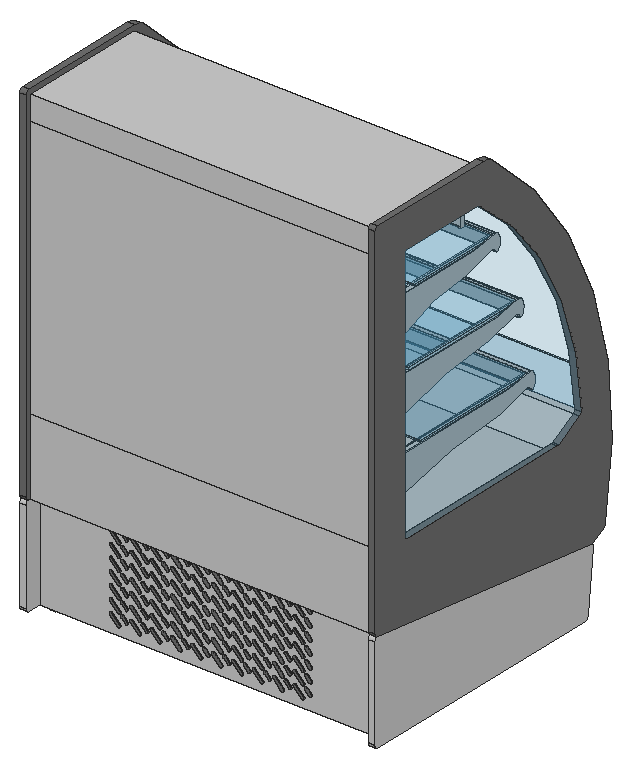
Revit family "QF_INFRICO_VBR9SS_250815092508", category Specialty Equipment, Revit 2021 (continued)
Definition of nested family "QF_INFRICO_VBR9SS_2920"
  Forms (mm)
    Extrusion 56, solid
      sketch origin (1643.376, -765.123, -1.698) x (-1, 0, 0) y (0, 0, 1)
        loop
          arc (1058.896, 64.284) -> (1058.896, 70.648) -> (1052.532, 70.648) r 4.5
          line (1052.532, 70.648) -> (1030.612, 48.728)
          arc (1030.612, 48.728) -> (1030.612, 42.364) -> (1036.976, 42.364) r 4.5
        loop
          line (1016.219, 55.335) -> (1027.532, 66.648)
          arc (1027.532, 66.648) -> (1027.532, 73.012) -> (1021.168, 73.012) r 4.5
          line (1021.168, 73.012) -> (1009.855, 61.698)
          arc (1009.855, 61.698) -> (1009.855, 55.335) -> (1016.219, 55.335) r 4.5
        loop
          line (1036.976, 76.364) -> (1058.896, 98.284)
          arc (1058.896, 98.284) -> (1058.896, 104.648) -> (1052.532, 104.648) r 4.5
          line (1052.532, 104.648) -> (1030.612, 82.728)
          arc (1030.612, 82.728) -> (1030.612, 76.364) -> (1036.976, 76.364) r 4.5
        loop
          line (1016.219, 89.335) -> (1027.532, 100.648)
          arc (1027.532, 100.648) -> (1027.532, 107.012) -> (1021.168, 107.012) r 4.5
          line (1021.168, 107.012) -> (1009.855, 95.698)
          arc (1009.855, 95.698) -> (1009.855, 89.335) -> (1016.219, 89.335) r 4.5
        loop
          line (1036.976, 110.364) -> (1058.896, 132.284)
          arc (1058.896, 132.284) -> (1058.896, 138.648) -> (1052.532, 138.648) r 4.5
          line (1052.532, 138.648) -> (1030.612, 116.728)
          arc (1030.612, 116.728) -> (1030.612, 110.364) -> (1036.976, 110.364) r 4.5
        loop
          line (1016.219, 123.335) -> (1027.532, 134.648)
          arc (1027.532, 134.648) -> (1027.532, 141.012) -> (1021.168, 141.012) r 4.5
          line (1021.168, 141.012) -> (1009.855, 129.698)
          arc (1009.855, 129.698) -> (1009.855, 123.335) -> (1016.219, 123.335) r 4.5
        loop
          line (1036.976, 144.364) -> (1058.896, 166.284)
          arc (1058.896, 166.284) -> (1058.896, 172.648) -> (1052.532, 172.648) r 4.5
          line (1052.532, 172.648) -> (1030.612, 150.728)
          arc (1030.612, 150.728) -> (1030.612, 144.364) -> (1036.976, 144.364) r 4.5
        loop
          line (1016.219, 157.335) -> (1027.532, 168.648)
          arc (1027.532, 168.648) -> (1027.532, 175.012) -> (1021.168, 175.012) r 4.5
          line (1021.168, 175.012) -> (1009.855, 163.698)
          arc (1009.855, 163.698) -> (1009.855, 157.335) -> (1016.219, 157.335) r 4.5
        loop
          line (1036.976, 178.364) -> (1058.896, 200.284)
          arc (1058.896, 200.284) -> (1058.896, 206.648) -> (1052.532, 206.648) r 4.5
          line (1052.532, 206.648) -> (1030.612, 184.728)
          arc (1030.612, 184.728) -> (1030.612, 178.364) -> (1036.976, 178.364) r 4.5
        loop
          line (1016.219, 191.335) -> (1027.532, 202.648)
          arc (1027.532, 202.648) -> (1027.532, 209.012) -> (1021.168, 209.012) r 4.5
          line (1021.168, 209.012) -> (1009.855, 197.698)
          arc (1009.855, 197.698) -> (1009.855, 191.335) -> (1016.219, 191.335) r 4.5
        loop
          line (1036.976, 212.364) -> (1058.896, 234.284)
          arc (1058.896, 234.284) -> (1058.896, 240.648) -> (1052.532, 240.648) r 4.5
          line (1052.532, 240.648) -> (1030.612, 218.728)
          arc (1030.612, 218.728) -> (1030.612, 212.364) -> (1036.976, 212.364) r 4.5
        loop
          line (1016.219, 225.335) -> (1027.532, 236.648)
          arc (1027.532, 236.648) -> (1027.532, 243.012) -> (1021.168, 243.012) r 4.5
          line (1021.168, 243.012) -> (1009.855, 231.698)
          arc (1009.855, 231.698) -> (1009.855, 225.335) -> (1016.219, 225.335) r 4.5
        loop
          line (1036.976, 246.364) -> (1058.896, 268.284)
          arc (1058.896, 268.284) -> (1058.896, 274.648) -> (1052.532, 274.648) r 4.5
          line (1052.532, 274.648) -> (1030.612, 252.728)
          arc (1030.612, 252.728) -> (1030.612, 246.364) -> (1036.976, 246.364) r 4.5
        loop
          line (1016.219, 259.335) -> (1027.532, 270.648)
          arc (1027.532, 270.648) -> (1027.532, 277.012) -> (1021.168, 277.012) r 4.5
          line (1021.168, 277.012) -> (1009.855, 265.698)
          arc (1009.855, 265.698) -> (1009.855, 259.335) -> (1016.219, 259.335) r 4.5
        loop
          line (980.976, 42.364) -> (1002.896, 64.284)
          arc (1002.896, 64.284) -> (1002.896, 70.648) -> (996.532, 70.648) r 4.5
          line (996.532, 70.648) -> (974.612, 48.728)
          arc (974.612, 48.728) -> (974.612, 42.364) -> (980.976, 42.364) r 4.5
        loop
          line (960.219, 55.335) -> (971.532, 66.648)
          arc (971.532, 66.648) -> (971.532, 73.012) -> (965.168, 73.012) r 4.5
          line (965.168, 73.012) -> (953.855, 61.698)
          arc (953.855, 61.698) -> (953.855, 55.335) -> (960.219, 55.335) r 4.5
        loop
          line (980.976, 76.364) -> (1002.896, 98.284)
          arc (1002.896, 98.284) -> (1002.896, 104.648) -> (996.532, 104.648) r 4.5
          line (996.532, 104.648) -> (974.612, 82.728)
          arc (974.612, 82.728) -> (974.612, 76.364) -> (980.976, 76.364) r 4.5
        loop
          line (960.219, 89.335) -> (971.532, 100.648)
          arc (971.532, 100.648) -> (971.532, 107.012) -> (965.168, 107.012) r 4.5
          line (965.168, 107.012) -> (953.855, 95.698)
          arc (953.855, 95.698) -> (953.855, 89.335) -> (960.219, 89.335) r 4.5
        loop
          line (980.976, 110.364) -> (1002.896, 132.284)
          arc (1002.896, 132.284) -> (1002.896, 138.648) -> (996.532, 138.648) r 4.5
          line (996.532, 138.648) -> (974.612, 116.728)
          arc (974.612, 116.728) -> (974.612, 110.364) -> (980.976, 110.364) r 4.5
        loop
          line (960.219, 123.335) -> (971.532, 134.648)
          arc (971.532, 134.648) -> (971.532, 141.012) -> (965.168, 141.012) r 4.5
          line (965.168, 141.012) -> (953.855, 129.698)
          arc (953.855, 129.698) -> (953.855, 123.335) -> (960.219, 123.335) r 4.5
        loop
          line (980.976, 144.364) -> (1002.896, 166.284)
          arc (1002.896, 166.284) -> (1002.896, 172.648) -> (996.532, 172.648) r 4.5
          line (996.532, 172.648) -> (974.612, 150.728)
          arc (974.612, 150.728) -> (974.612, 144.364) -> (980.976, 144.364) r 4.5
        loop
          line (960.219, 157.335) -> (971.532, 168.648)
          arc (971.532, 168.648) -> (971.532, 175.012) -> (965.168, 175.012) r 4.5
          line (965.168, 175.012) -> (953.855, 163.698)
          arc (953.855, 163.698) -> (953.855, 157.335) -> (960.219, 157.335) r 4.5
        loop
          line (980.976, 178.364) -> (1002.896, 200.284)
          arc (1002.896, 200.284) -> (1002.896, 206.648) -> (996.532, 206.648) r 4.5
          line (996.532, 206.648) -> (974.612, 184.728)
          arc (974.612, 184.728) -> (974.612, 178.364) -> (980.976, 178.364) r 4.5
        loop
          line (960.219, 191.335) -> (971.532, 202.648)
          arc (971.532, 202.648) -> (971.532, 209.012) -> (965.168, 209.012) r 4.5
          line (965.168, 209.012) -> (953.855, 197.698)
          arc (953.855, 197.698) -> (953.855, 191.335) -> (960.219, 191.335) r 4.5
        loop
          line (980.976, 212.364) -> (1002.896, 234.284)
          arc (1002.896, 234.284) -> (1002.896, 240.648) -> (996.532, 240.648) r 4.5
          line (996.532, 240.648) -> (974.612, 218.728)
          arc (974.612, 218.728) -> (974.612, 212.364) -> (980.976, 212.364) r 4.5
        loop
          line (960.219, 225.335) -> (971.532, 236.648)
          arc (971.532, 236.648) -> (971.532, 243.012) -> (965.168, 243.012) r 4.5
          line (965.168, 243.012) -> (953.855, 231.698)
          arc (953.855, 231.698) -> (953.855, 225.335) -> (960.219, 225.335) r 4.5
        loop
          line (980.976, 246.364) -> (1002.896, 268.284)
          arc (1002.896, 268.284) -> (1002.896, 274.648) -> (996.532, 274.648) r 4.5
          line (996.532, 274.648) -> (974.612, 252.728)
          arc (974.612, 252.728) -> (974.612, 246.364) -> (980.976, 246.364) r 4.5
        loop
          line (960.219, 259.335) -> (971.532, 270.648)
          arc (971.532, 270.648) -> (971.532, 277.012) -> (965.168, 277.012) r 4.5
          line (965.168, 277.012) -> (953.855, 265.698)
          arc (953.855, 265.698) -> (953.855, 259.335) -> (960.219, 259.335) r 4.5
        loop
          line (924.976, 42.364) -> (946.896, 64.284)
          arc (946.896, 64.284) -> (946.896, 70.648) -> (940.532, 70.648) r 4.5
          line (940.532, 70.648) -> (918.612, 48.728)
          arc (918.612, 48.728) -> (918.612, 42.364) -> (924.976, 42.364) r 4.5
        loop
          line (904.219, 55.335) -> (915.532, 66.648)
          arc (915.532, 66.648) -> (915.532, 73.012) -> (909.168, 73.012) r 4.5
          line (909.168, 73.012) -> (897.855, 61.698)
          arc (897.855, 61.698) -> (897.855, 55.335) -> (904.219, 55.335) r 4.5
        loop
          line (924.976, 76.364) -> (946.896, 98.284)
          arc (946.896, 98.284) -> (946.896, 104.648) -> (940.532, 104.648) r 4.5
          line (940.532, 104.648) -> (918.612, 82.728)
          arc (918.612, 82.728) -> (918.612, 76.364) -> (924.976, 76.364) r 4.5
        loop
          line (904.219, 89.335) -> (915.532, 100.648)
          arc (915.532, 100.648) -> (915.532, 107.012) -> (909.168, 107.012) r 4.5
          line (909.168, 107.012) -> (897.855, 95.698)
          arc (897.855, 95.698) -> (897.855, 89.335) -> (904.219, 89.335) r 4.5
        loop
          line (924.976, 110.364) -> (946.896, 132.284)
          arc (946.896, 132.284) -> (946.896, 138.648) -> (940.532, 138.648) r 4.5
          line (940.532, 138.648) -> (918.612, 116.728)
          arc (918.612, 116.728) -> (918.612, 110.364) -> (924.976, 110.364) r 4.5
        loop
          line (904.219, 123.335) -> (915.532, 134.648)
          arc (915.532, 134.648) -> (915.532, 141.012) -> (909.168, 141.012) r 4.5
          line (909.168, 141.012) -> (897.855, 129.698)
          arc (897.855, 129.698) -> (897.855, 123.335) -> (904.219, 123.335) r 4.5
        loop
          line (924.976, 144.364) -> (946.896, 166.284)
          arc (946.896, 166.284) -> (946.896, 172.648) -> (940.532, 172.648) r 4.5
          line (940.532, 172.648) -> (918.612, 150.728)
          arc (918.612, 150.728) -> (918.612, 144.364) -> (924.976, 144.364) r 4.5
        loop
          line (904.219, 157.335) -> (915.532, 168.648)
          arc (915.532, 168.648) -> (915.532, 175.012) -> (909.168, 175.012) r 4.5
          line (909.168, 175.012) -> (897.855, 163.698)
          arc (897.855, 163.698) -> (897.855, 157.335) -> (904.219, 157.335) r 4.5
        loop
          line (924.976, 178.364) -> (946.896, 200.284)
          arc (946.896, 200.284) -> (946.896, 206.648) -> (940.532, 206.648) r 4.5
          line (940.532, 206.648) -> (918.612, 184.728)
          arc (918.612, 184.728) -> (918.612, 178.364) -> (924.976, 178.364) r 4.5
        loop
          line (904.219, 191.335) -> (915.532, 202.648)
          arc (915.532, 202.648) -> (915.532, 209.012) -> (909.168, 209.012) r 4.5
          line (909.168, 209.012) -> (897.855, 197.698)
          arc (897.855, 197.698) -> (897.855, 191.335) -> (904.219, 191.335) r 4.5
        loop
          line (924.976, 212.364) -> (946.896, 234.284)
          arc (946.896, 234.284) -> (946.896, 240.648) -> (940.532, 240.648) r 4.5
          line (940.532, 240.648) -> (918.612, 218.728)
          arc (918.612, 218.728) -> (918.612, 212.364) -> (924.976, 212.364) r 4.5
        loop
          line (904.219, 225.335) -> (915.532, 236.648)
          arc (915.532, 236.648) -> (915.532, 243.012) -> (909.168, 243.012) r 4.5
          line (909.168, 243.012) -> (897.855, 231.698)
          arc (897.855, 231.698) -> (897.855, 225.335) -> (904.219, 225.335) r 4.5
        loop
          line (924.976, 246.364) -> (946.896, 268.284)
          arc (946.896, 268.284) -> (946.896, 274.648) -> (940.532, 274.648) r 4.5
          line (940.532, 274.648) -> (918.612, 252.728)
          arc (918.612, 252.728) -> (918.612, 246.364) -> (924.976, 246.364) r 4.5
        loop
          line (904.219, 259.335) -> (915.532, 270.648)
          arc (915.532, 270.648) -> (915.532, 277.012) -> (909.168, 277.012) r 4.5
          line (909.168, 277.012) -> (897.855, 265.698)
          arc (897.855, 265.698) -> (897.855, 259.335) -> (904.219, 259.335) r 4.5
      from 0 to 2
    Extrusion 57, solid, visible <- "Show Logo"
      sketch origin (1362.72, -52.93, -305.042) x (-1, 0, 0) y (0, -0.045615, -0.998959)
        loop
          line (1208.799, -696.53) -> (1204.173, -696.53) -> (1204.173, -719.204) -> (1208.799, -719.204) -> (1208.799, -696.53)
        loop
          arc (1214.779, -713.006) -> (1215.36, -712.765) -> (1215.601, -712.184) r 0.822
          line (1215.601, -712.184) -> (1215.669, -711.361)
          arc (1215.669, -711.361) -> (1218.282, -712.674) -> (1221.141, -713.281) r 11.435
          arc (1221.141, -713.281) -> (1224.637, -712.075) -> (1226.121, -708.689) r 4.607
          line (1226.121, -708.689) -> (1226.121, -696.53) -> (1221.598, -696.53) -> (1221.598, -707.557)
          arc (1221.598, -707.557) -> (1220.929, -708.961) -> (1219.417, -709.324) r 1.806
          arc (1219.417, -709.324) -> (1217.528, -708.741) -> (1215.772, -707.832) r 11.052
          line (1215.772, -707.832) -> (1215.772, -696.53) -> (1211.283, -696.53) -> (1211.283, -713.006) -> (1214.779, -713.006)
        loop
          line (1238.557, -720.102) -> (1238.557, -717.255)
          arc (1238.557, -717.255) -> (1238.306, -716.65) -> (1237.7, -716.399) r 0.857
          line (1237.7, -716.399) -> (1236.045, -716.271)
          arc (1236.045, -716.271) -> (1234.956, -715.705) -> (1234.547, -714.548) r 1.67
          line (1234.547, -714.548) -> (1234.547, -712.938) -> (1238.249, -712.938) -> (1238.249, -709.374) -> (1234.547, -709.374) -> (1234.547, -696.53) -> (1230.024, -696.53) -> (1230.024, -709.374) -> (1227.351, -709.374) -> (1227.351, -712.703) -> (1230.024, -712.909) -> (1230.024, -715.062)
          arc (1230.024, -715.062) -> (1230.805, -717.616) -> (1232.881, -719.297) r 4.567
          arc (1232.881, -719.297) -> (1235.052, -719.926) -> (1237.306, -720.102) r 11.103
          line (1237.306, -720.102) -> (1238.557, -720.102)
        loop
          line (1239.479, -713.006) -> (1243.726, -713.006) -> (1243.899, -710.984)
          arc (1243.899, -710.984) -> (1246.197, -712.588) -> (1248.912, -713.28) r 7.833
          arc (1248.912, -713.28) -> (1249.531, -713.061) -> (1249.793, -712.458) r 0.824
          line (1249.793, -712.458) -> (1249.793, -710.265)
          arc (1249.793, -710.265) -> (1249.643, -709.758) -> (1249.241, -709.416) r 0.928
          line (1249.241, -709.416) -> (1248.077, -709.268)
          arc (1248.077, -709.268) -> (1245.873, -708.631) -> (1243.968, -707.352) r 7.435
          line (1243.968, -707.352) -> (1243.968, -696.53) -> (1239.479, -696.53) -> (1239.479, -713.006)
        loop
          line (1255.495, -696.53) -> (1251.006, -696.53) -> (1251.006, -713.006) -> (1255.495, -713.006) -> (1255.495, -696.53)
        loop
          line (1257.421, -701.327) -> (1257.421, -708.243)
          arc (1257.421, -708.243) -> (1258.571, -711.349) -> (1261.466, -712.959) r 4.772
          arc (1261.466, -712.959) -> (1264.493, -713.294) -> (1267.521, -712.959) r 13.851
          arc (1267.521, -712.959) -> (1270.524, -710.556) -> (1271.505, -706.838) r 6.132
          line (1271.505, -706.838) -> (1267.187, -706.838) -> (1267.187, -707.9)
          arc (1267.187, -707.9) -> (1266.64, -709.118) -> (1265.442, -709.705) r 1.965
          arc (1265.442, -709.705) -> (1264.547, -709.754) -> (1263.653, -709.705) r 8.196
          arc (1263.653, -709.705) -> (1262.417, -709.155) -> (1261.91, -707.9) r 1.806
          line (1261.91, -707.9) -> (1261.91, -701.67)
          arc (1261.91, -701.67) -> (1262.417, -700.415) -> (1263.653, -699.865) r 1.806
          arc (1263.653, -699.865) -> (1264.547, -699.816) -> (1265.442, -699.865) r 8.196
          arc (1265.442, -699.865) -> (1266.64, -700.452) -> (1267.187, -701.67) r 1.965
          line (1267.187, -701.67) -> (1267.187, -703.041) -> (1271.505, -703.041)
          arc (1271.505, -703.041) -> (1270.575, -699.134) -> (1267.521, -696.525) r 6.481
          arc (1267.521, -696.525) -> (1264.493, -696.266) -> (1261.466, -696.525) r 17.816
          arc (1261.466, -696.525) -> (1258.567, -698.188) -> (1257.421, -701.327) r 4.873
        loop
          line (1272.916, -701.329) -> (1272.916, -708.242)
          arc (1272.916, -708.242) -> (1273.993, -711.226) -> (1276.726, -712.837) r 4.676
          arc (1276.726, -712.837) -> (1278.515, -713.116) -> (1280.318, -713.28) r 28.371
          arc (1280.318, -713.28) -> (1282.122, -713.116) -> (1283.911, -712.837) r 28.371
          arc (1283.911, -712.837) -> (1286.644, -711.226) -> (1287.72, -708.242) r 4.676
          line (1287.72, -708.242) -> (1287.72, -701.329)
          arc (1287.72, -701.329) -> (1286.644, -698.345) -> (1283.911, -696.734) r 4.676
          arc (1283.911, -696.734) -> (1282.122, -696.455) -> (1280.318, -696.291) r 28.371
          arc (1280.318, -696.291) -> (1278.515, -696.455) -> (1276.726, -696.734) r 28.371
          arc (1276.726, -696.734) -> (1273.993, -698.345) -> (1272.916, -701.329) r 4.676
        loop
          arc (1277.405, -707.866) -> (1277.844, -709.015) -> (1278.936, -709.58) r 1.725
          arc (1278.936, -709.58) -> (1279.627, -709.653) -> (1280.318, -709.716) r 46.133
          arc (1280.318, -709.716) -> (1281.01, -709.653) -> (1281.701, -709.58) r 46.133
          arc (1281.701, -709.58) -> (1282.793, -709.015) -> (1283.231, -707.866) r 1.725
          line (1283.231, -707.866) -> (1283.231, -701.705)
          arc (1283.231, -701.705) -> (1282.793, -700.556) -> (1281.701, -699.991) r 1.725
          arc (1281.701, -699.991) -> (1281.01, -699.918) -> (1280.318, -699.856) r 46.133
          arc (1280.318, -699.856) -> (1279.627, -699.918) -> (1278.936, -699.991) r 46.133
          arc (1278.936, -699.991) -> (1277.844, -700.556) -> (1277.405, -701.705) r 1.725
          line (1277.405, -701.705) -> (1277.405, -707.866)
        loop
          line (1190.339, -696.543) -> (1170.042, -696.543)
          arc (1170.042, -696.543) -> (1168.969, -696.987) -> (1168.525, -698.059) r 1.516
          line (1168.525, -698.059) -> (1168.525, -703.891) -> (1164.346, -703.891)
          arc (1164.346, -703.891) -> (1163.591, -704.121) -> (1163.163, -704.782) r 1.147
          line (1163.163, -704.782) -> (1163.163, -706.211)
          arc (1163.163, -706.211) -> (1163.594, -707.258) -> (1164.662, -707.634) r 1.385
          line (1164.662, -707.634) -> (1165.861, -707.634) -> (1163.163, -710.332)
          arc (1163.163, -710.332) -> (1162.776, -711.266) -> (1163.163, -712.2) r 1.321
          line (1163.163, -712.2) -> (1163.886, -712.923)
          arc (1163.886, -712.923) -> (1164.841, -713.338) -> (1165.823, -712.991) r 1.422
          line (1165.823, -712.991) -> (1168.528, -710.286) -> (1168.528, -711.479)
          arc (1168.528, -711.479) -> (1168.938, -712.516) -> (1169.946, -712.992) r 1.516
          line (1169.946, -712.992) -> (1170.867, -712.992)
          arc (1170.867, -712.992) -> (1171.87, -712.514) -> (1172.278, -711.479) r 1.516
          line (1172.278, -711.479) -> (1172.278, -706.83) -> (1178.308, -701.336) -> (1178.308, -707.509) -> (1174.742, -711.075)
          arc (1174.742, -711.075) -> (1174.328, -712.073) -> (1174.742, -713.071) r 1.412
          line (1174.742, -713.071) -> (1175.394, -713.723)
          arc (1175.394, -713.723) -> (1176.442, -714.141) -> (1177.466, -713.667) r 1.428
          line (1177.466, -713.667) -> (1178.308, -712.825) -> (1178.308, -717.784)
          arc (1178.308, -717.784) -> (1178.723, -718.787) -> (1179.726, -719.203) r 1.418
          line (1179.726, -719.203) -> (1180.655, -719.203)
          arc (1180.655, -719.203) -> (1181.658, -718.787) -> (1182.073, -717.784) r 1.418
          line (1182.073, -717.784) -> (1182.073, -712.825) -> (1182.915, -713.667)
          arc (1182.915, -713.667) -> (1183.939, -714.141) -> (1184.987, -713.723) r 1.428
          line (1184.987, -713.723) -> (1185.639, -713.071)
          arc (1185.639, -713.071) -> (1186.053, -712.073) -> (1185.639, -711.075) r 1.412
          line (1185.639, -711.075) -> (1182.073, -707.509) -> (1182.073, -701.336) -> (1188.103, -706.83) -> (1188.103, -711.479)
          arc (1188.103, -711.479) -> (1188.511, -712.514) -> (1189.514, -712.992) r 1.516
          line (1189.514, -712.992) -> (1190.435, -712.992)
          arc (1190.435, -712.992) -> (1191.443, -712.516) -> (1191.853, -711.479) r 1.516
          line (1191.853, -711.479) -> (1191.853, -710.286) -> (1194.558, -712.991)
          arc (1194.558, -712.991) -> (1195.54, -713.338) -> (1196.495, -712.923) r 1.422
          line (1196.495, -712.923) -> (1197.218, -712.2)
          arc (1197.218, -712.2) -> (1197.605, -711.266) -> (1197.218, -710.332) r 1.321
          line (1197.218, -710.332) -> (1194.52, -707.634) -> (1195.719, -707.634)
          arc (1195.719, -707.634) -> (1196.787, -707.258) -> (1197.218, -706.211) r 1.385
          line (1197.218, -706.211) -> (1197.218, -704.782)
          arc (1197.218, -704.782) -> (1196.79, -704.121) -> (1196.035, -703.891) r 1.147
          line (1196.035, -703.891) -> (1191.856, -703.891) -> (1191.856, -698.059)
          arc (1191.856, -698.059) -> (1191.411, -696.987) -> (1190.339, -696.543) r 1.516
      from 0 to 2
    Extrusion 58, solid
      sketch origin (-1000, 0, 479) x (1, 0, 0) y (0, 1, 0)
        loop
          line (1000, -699.023) -> (1050, -699.023) -> (1050, -739.023) -> (1888, -739.023) -> (1888, -699.023) -> (1938, -699.023) -> (1938, -688.023) -> (1000, -688.023) -> (1000, -699.023)
      from 0 to 2
    Extrusion 59, solid
      sketch origin (0, 0, 0) x (0, 1, 0) y (0, 0, 1)
        loop
          line (-688.023, 479) -> (-690.023, 479) -> (-690.023, 448) -> (-688.023, 448) -> (-688.023, 479)
      from 0 to 938
    Extrusion 60, solid
      sketch origin (0, -90.023, -30) x (1, 0, 0) y (0, 0, 1)
        loop
          line (40, 308) -> (40, 174) -> (232, 174) -> (232, 308) -> (40, 308)
      from 0 to 40
    Extrusion 61, solid
      sketch origin (1426.761, -90.023, -436.855) x (-1, 0, 0) y (0, 0, 1)
        loop
          arc (1199.261, 600.555) -> (1290.761, 599.555) -> (1382.261, 600.555) r 4186.625
          arc (1382.261, 600.555) -> (1383.261, 617.555) -> (1382.261, 634.555) r 145
          arc (1382.261, 634.555) -> (1290.761, 635.555) -> (1199.261, 634.555) r 4186.625
          arc (1199.261, 634.555) -> (1198.261, 617.555) -> (1199.261, 600.555) r 145
      from 0 to 5
    Extrusion 62, solid
      sketch origin (1407.761, -86.923, -436.855) x (-1, 0, 0) y (0, 0, 1)
        loop
          line (1212.261, 629.555) -> (1212.261, 605.555) -> (1262.261, 605.555) -> (1262.261, 629.555) -> (1212.261, 629.555)
      from 0 to 2
    Extrusion 63, solid
      sketch origin (-510, -1507.887, 385.642) x (0, -0.939923, 0.341387) y (0, -0.341387, -0.939923)
        loop
          line (-1405.094, -255.381) -> (-1402.363, -262.901) -> (-1376.569, -281.194) -> (-1373.837, -288.713) -> (-1371.922, -288.017) -> (-1374.924, -279.75) -> (-1400.516, -262.128) -> (-1403.214, -254.698) -> (-1405.094, -255.381)
        loop
          line (-1387.001, -305.197) -> (-1384.27, -312.717) -> (-1358.475, -331.01) -> (-1355.744, -338.529) -> (-1353.828, -337.833) -> (-1356.831, -329.566) -> (-1382.423, -311.944) -> (-1385.121, -304.514) -> (-1387.001, -305.197)
      from 742 to 1408
    Extrusion 64, solid
      sketch origin (0, 0, 0) x (0, 1, 0) y (0, 0, 1)
        loop
          line (-68.023, 471) -> (-62.023, 471) -> (-62.023, 621) -> (-68.023, 621) -> (-68.023, 471)
      from 0 to 938
    Extrusion 65, solid
      sketch origin (-1186.261, -424.423, 613.945) x (1, 0, 0) y (0, 0, -1)
        loop
          line (1212.261, -629.555) -> (1262.261, -629.555) -> (1262.261, -605.555) -> (1212.261, -605.555) -> (1212.261, -629.555)
      from 0 to 2
    Extrusion 66, solid
      sketch origin (-32, 0, 0) x (0, 1, 0) y (0, 0, 1)
        loop
          line (-422.523, 1219.5) -> (-422.523, 1243.5)
          arc (-422.523, 1243.5) -> (-423.255, 1245.268) -> (-425.023, 1246) r 2.5
          line (-425.023, 1246) -> (-425.023, 1217)
          arc (-425.023, 1217) -> (-423.255, 1217.732) -> (-422.523, 1219.5) r 2.5
      from 44 to 122
    Extrusion 67, solid
      sketch origin (0, 0, 0) x (0, 1, 0) y (0, 0, 1)
        loop
          line (-466.023, 1276) -> (-511.023, 1276) -> (-511.023, 1220) -> (-489.023, 1220) -> (-489.023, 1181) -> (-488.023, 1181) -> (-488.023, 1220) -> (-466.023, 1220) -> (-466.023, 1276)
      from 0 to 938
    Extrusion 68, solid
      sketch origin (0, 0, 0) x (0, 1, 0) y (0, 0, 1)
        loop
          line (-493.523, 1181) -> (-493.523, 1156)
          arc (-493.523, 1156) -> (-492.937, 1154.586) -> (-491.523, 1154) r 2
          line (-491.523, 1154) -> (-485.523, 1154)
          arc (-485.523, 1154) -> (-484.109, 1154.586) -> (-483.523, 1156) r 2
          line (-483.523, 1156) -> (-483.523, 1181) -> (-493.523, 1181)
      from 0 to 938
    Extrusion 69, solid
      sketch origin (423, 0, 0) x (0, 1, 0) y (0, 0, 1)
        loop
          line (-481.523, 1152) -> (-481.523, 1164) -> (-483.523, 1164) -> (-483.523, 1156)
          arc (-483.523, 1156) -> (-484.109, 1154.586) -> (-485.523, 1154) r 2
          line (-485.523, 1154) -> (-491.523, 1154)
          arc (-491.523, 1154) -> (-492.937, 1154.586) -> (-493.523, 1156) r 2
          line (-493.523, 1156) -> (-493.523, 1167) -> (-495.523, 1167) -> (-495.523, 1152) -> (-481.523, 1152)
      from 0 to 92
    Extrusion 70, solid
      sketch origin (411, 0, 0) x (0, 1, 0) y (0, 0, 1)
        loop
          line (-491.523, 1127) -> (-485.523, 1127) -> (-485.523, 1154) -> (-491.523, 1154) -> (-491.523, 1127)
      from 0 to 12
    Extrusion 71, solid
      sketch origin (515, 0, 0) x (0, 1, 0) y (0, 0, 1)
        loop
          line (-491.523, 1127) -> (-485.523, 1127) -> (-485.523, 1154) -> (-491.523, 1154) -> (-491.523, 1127)
      from 0 to 12
    Sweep 72, solid
      path origin (140.5, -1000, 1131) x (1, 0, 0) y (0, 1, 0)
        loop
          arc (286.5, 530.477) -> (279.429, 527.548) -> (276.5, 520.477) r 10
          line (276.5, 520.477) -> (276.5, 494.477)
          arc (276.5, 494.477) -> (279.429, 487.406) -> (286.5, 484.477) r 10
          line (286.5, 484.477) -> (370.5, 484.477)
          arc (370.5, 484.477) -> (377.571, 487.406) -> (380.5, 494.477) r 10
          line (380.5, 494.477) -> (380.5, 520.477)
          arc (380.5, 520.477) -> (377.571, 527.548) -> (370.5, 530.477) r 10
      profile origin (417, -492.523, 1131) x (1, 0, 0) y (0, 0, 1)
        loop
          circle (0, 0) r 4
    Sweep 73, solid
      path origin (140.5, -469.523, 0) x (1, 0, 0) y (0, 0, 1)
        loop
          arc (370.5, 1131) -> (362.674, 1132.848) -> (356.5, 1138) r 17.5
          arc (356.5, 1138) -> (328.5, 1152) -> (300.5, 1138) r 35
          arc (300.5, 1138) -> (294.326, 1132.848) -> (286.5, 1131) r 17.5
      profile origin (434.826, -469.523, 1132.848) x (0.447214, 0, -0.894427) y (0, -1, 0)
        loop
          circle (0, 0) r 4
  Cuts and joins
    joined: Extrusion 58, Extrusion 59
  Lines and regions (mm)
    symbolic lines
      curve 1: line (938, -800.023, 0) -> (938, -810, 0)
      curve 2: line (938, -810, 0) -> (956, -810, 0)
      curve 3: line (956, -810, 0) -> (956, 0, 0)
      curve 4: line (956, 0, 0) -> (938, 0, 0)
      curve 5: line (938, 0, 0) -> (938, -18.791, 0)
      curve 6: line (938, -18.791, 0) -> (0, -18.791, 0)
      curve 7: line (0, -18.791, 0) -> (0, 0, 0)
      curve 8: line (0, 0, 0) -> (-18, 0, 0)
      curve 9: line (-18, 0, 0) -> (-18, -810, 0)
      curve 10: line (-18, -810, 0) -> (0, -810, 0)
      curve 11: line (0, -810, 0) -> (0, -800.023, 0)
      curve 12: line (0, -800.023, 0) -> (938, -800.023, 0)
      curve 13: line (0, -18.791, 0) -> (0, -800.023, 0)
      curve 14: line (938, -800.023, 0) -> (938, -18.791, 0)
      curve 15: line (938, -49.195, 0) -> (0, -49.195, 0)
      curve 16: line (938, -62.023, 0) -> (0, -62.023, 0)
      curve 17: line (0, -68.023, 0) -> (938, -68.023, 0)
      curve 18: line (938, -90.023, 0) -> (0, -90.023, 0)
      curve 19: line (0, -181.023, 0) -> (938, -181.023, 0)
      curve 20: line (3, -236.023, 0) -> (3, -425.023, 0)
      curve 21: line (938, -425.023, 0) -> (0, -425.023, 0)
      curve 22: line (935, -425.023, 0) -> (935, -236.023, 0)
      curve 23: line (3, -236.023, 0) -> (935, -236.023, 0)
      curve 24: line (3, -356.023, 0) -> (935, -356.023, 0)
      curve 25: line (3, -276.023, 0) -> (935, -276.023, 0)
  Dimensions and locks
    plane 1 "Back" to plane 5 "Front" = 810 mm  (x2)
    plane 3 "Left" to plane 4 "Right" = 938 mm
    plane 6 "Top" to level = 1300 mm  (x2)
    plane 4 "Right" to plane 3 "Left" = 938 mm
    aligned and locked: level to plane 2
Definition of nested family "CONN_POINT_ELE_2D___Generic_Annotation"
  Parameters (values of type "CONN_POINT_ELE_2D___Generic_Annotation")
    Onboard connection annotation symbol visibility [instance] = yes
  Reference planes
    plane 1: y = 0
    plane 2: x = 0
  Lines and regions (mm)
    detail lines, visible <- "Onboard connection annotation symbol visibility"
      curve 1: circle (0, 0, 0) r 0.5 normal (0, 0, 1)
      curve 2: line (-1, 0, 0) -> (1, 0, 0)
      curve 3: line (0, 1, 0) -> (0, -1, 0)
      curve 4: line (2.5, 1, 0) -> (1.25, 1, 0)
      curve 5: line (1.25, 1, 0) -> (1.25, -1, 0)
      curve 6: line (1.25, -1, 0) -> (2.5, -1, 0)
      curve 7: line (1.25, 0, 0) -> (2, 0, 0)
